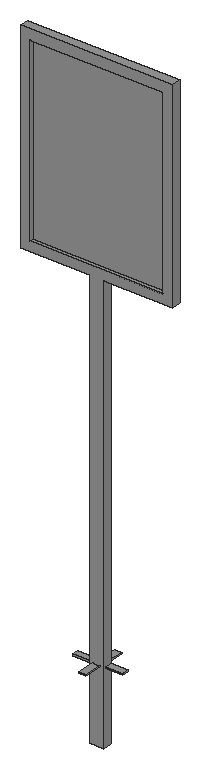
Revit family "9615 Информационная табличка «Пикник» Хоббика", category Антураж, Revit 2018
Family settings
  На основе рабочей плоскости = Нет
  Всегда вертикально = Да
  При загрузке вырезать с полостями = Нет
  Источник визуального образа = Геометрия семейства
  Общий = Нет
  Точка расчета площади = Нет
Parameters (values of type "Информационная табличка «Пикник»")
  Ширина = 40 mm  # constant formula
  Цвет щита = Стенд
  Цвет каркаса = Красный
  Описание = "Информационная табличка «Пикник»"  # constant formula
  Материал изделия = "Сталь"  # constant formula
  Изображение типоразмера = Информационная табличка «Пикник» Арт 9615.jpg
  Изготовитель = "ООО «Хоббика»"  # constant formula
  Длина = 640 mm  # constant formula
  Группа модели = "Дровницы и угольницы"  # constant formula
  Высота = 2000 mm  # constant formula
  Артикул товара = "Арт. 9615"  # constant formula
  URL = "https://hobbyka.ru/product/informatsionnaya_tablichka_piknik"
Reference planes
  plane 1 "По центру (Вперед/Назад)": y = 0
  plane 2: z = 0
  plane 3 "По центру (Влево/Вправо)": x = 0
  plane 4: x = 640
  plane 5: y = 40
  plane 6: z = 2000
Forms (mm)
  Extrusion 1, solid, material "Красный" <- "Цвет каркаса"
    sketch origin (0, 0, 0) x (1, 0, 0) y (0, 0, 1)
      loop
        line (0, 2000) -> (0, 1160) -> (290, 1160) -> (290, -600) -> (350, -600) -> (350, 1160) -> (640, 1160) -> (640, 2000) -> (0, 2000)
      loop
        line (40, 1960) -> (40, 1200) -> (600, 1200) -> (600, 1960) -> (40, 1960)
    from 0 to -40
  Extrusion 2, solid, material "Красный" <- "Цвет каркаса"
    sketch origin (0, 0, 0) x (1, 0, 0) y (0, 1, 0)
      loop
        line (335, 40) -> (335, 115) -> (305, 115) -> (305, 40) -> (335, 40)
      loop
        line (335, 0) -> (305, 0) -> (305, -75) -> (335, -75) -> (335, 0)
      loop
        line (290, 35) -> (215, 35) -> (215, 5) -> (290, 5) -> (290, 35)
      loop
        line (350, 35) -> (350, 5) -> (425, 5) -> (425, 35) -> (350, 35)
    from -300 to -295
  Extrusion 3, solid, material "Стенд" <- "Цвет щита"
    sketch origin (0, 0, 0) x (1, 0, 0) y (0, 0, 1)
      loop
        line (40, 1960) -> (40, 1200) -> (600, 1200) -> (600, 1960) -> (40, 1960)
    from -22.5 to -17.5
Dimensions and locks
  "Длина": plane 3 "По центру (Влево/Вправо)" to plane 4
  "Ширина": plane 5 to plane 1 "По центру (Вперед/Назад)"
  "Высота": plane 6 to level
  aligned and locked: level to plane 2
Automatic sketch dimensions
  Extrusion 1 sketch curve to plane 3 "По центру (Влево/Вправо)" = 0 mm
  Extrusion 1 sketch curve to plane 4 = 0 mm
  Extrusion 1 sketch curve to plane 6 = 0 mm
  plane 3 "По центру (Влево/Вправо)" to Extrusion 1 sketch curve = 40 mm
  Extrusion 1 sketch curve to plane 4 = 40 mm
  Extrusion 1 sketch curve to Extrusion 1 sketch curve = 840 mm
  Extrusion 1 sketch curve to Extrusion 1 sketch curve = 40 mm  (x2)
  Extrusion 1 sketch curve to plane 6 = 40 mm
  Extrusion 1 sketch curve to Extrusion 1 sketch curve = 250 mm
  Extrusion 1 sketch curve to Extrusion 1 sketch curve = 60 mm
  Extrusion 1 sketch curve to level = 600 mm
  Extrusion 2 sketch curve to plane 5 = 0 mm
  plane 1 "По центру (Вперед/Назад)" to Extrusion 2 sketch curve = 0 mm
  Extrusion 2 sketch curve to plane 5 = 5 mm  (x2)
  plane 3 "По центру (Влево/Вправо)" to Extrusion 2 sketch curve = 215 mm
  Extrusion 2 sketch curve to Extrusion 2 sketch curve = 75 mm  (x3)
  Extrusion 2 sketch curve to Extrusion 2 sketch curve = 15 mm  (x3)
  Extrusion 2 sketch curve to Extrusion 2 sketch curve = 30 mm  (x2)
  plane 1 "По центру (Вперед/Назад)" to Extrusion 2 sketch curve = 75 mm
  Extrusion 2 sketch curve to plane 1 "По центру (Вперед/Назад)" = 5 mm  (x2)
  plane 3 "По центру (Влево/Вправо)" to Extrusion 3 sketch curve = 40 mm
  Extrusion 3 sketch curve to plane 4 = 40 mm
  Extrusion 3 sketch curve to plane 6 = 800 mm
  Extrusion 3 sketch curve to plane 6 = 40 mm
